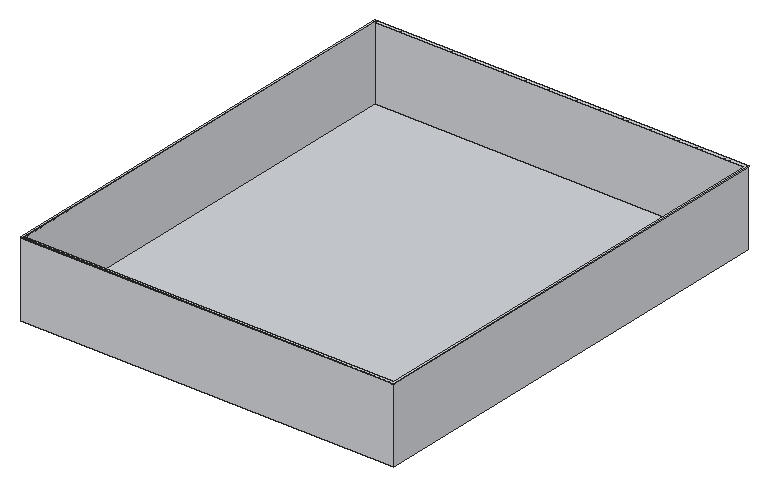
Revit family "Univers-IP30-leer-Unterputz-AT-de", category Electrical Equipment, host Face, Revit 2020
Family settings
  Host = Face
  Panel Configuration = Two Columns, Circuits Across
  Round Connector Dimension = Use Diameter
  Part Type = Panelboard
  Cut with Voids When Loaded = No
  Shared = No
  Room Calculation Point = No
Parameters (values of type "Unterputz IP30 B800 H950 T160 0 Teilungseinheiten - FWQ63D1")
  Width Control [instance] = if([HG000006 - Unterputz], if([EF000846 - Einbaubreite] > min_whd, [EF000846 - Einbaubreite], min_whd), if([EF000008 - Breite] > min_whd, ([EF000008 - Breite]), min_whd))  # 800 mm
  Void Depth [instance] = if([HG000006 - Unterputz], Depth Control, 1 mm)  # 160 mm
  Type Comments = [HG000003 - Bereich]  # "Univers"
  System Height [instance] = Height Control - 2 * [HG000005 - Dicke]  # 944 mm
  Model = [HG000004 - Herstellerreferenz]  # "FWQ63D1"
  HG000011 - Leere Reihen von unten = no
  HG000010 - Asymmetrische Türen = no
  HG000009 - Doppelflügeligen Tür = no
  HG000008 - Anzahl der leeren Reihen = 0
  HG000007 - Anzahl der leeren Spalten = 0
  HG000006 - Unterputz = yes
  HG000005 - Dicke = 3 mm  # constant formula
  HG000004 - Herstellerreferenz = "FWQ63D1"
  HG000003 - Bereich = "Univers"
  HG000002 - Mit tür = no
  HG000001 - Anzahl der Spalten = 0
  EF015941 - Signaldurchlassende Tür = no
  EF015777 - Neutralleiterklemmenblock = no
  EF015776 - Erdungsklemmenblock = no
  EF009212 - Ausführung Deckel = "EV009916 - mit Ausschnitt"
  EF006306 - Mit Schloss = no
  EF006244 - Transparenter Deckel/Tür = no
  EF005474 - Schutzart (IP) = "EV006410 - IP30"
  EF004462 - Art der Schließung = "EV000154 - sonstige"
  EF002950 - Breite in Teilungseinheiten = 0
  EF001596 - Werkstoff des Gehäuses = "EV000179 - Stahl"
  EF001134 - DIN-Schiene = no
  EF001131 - Innentiefe = 160 mm
  EF001088 - Anbaumöglichkeit = no
  EF001062 - EMV-Ausführung = no
  EF000846 - Einbaubreite = 800 mm
  EF000339 - Art der Abdeckung = "EV000494 - ohne"
  EF000332 - Einbauhöhe = 950 mm
  EF000266 - Anzahl der Reihen = 0
  EF000218 - Einbautiefe = 160 mm
  EF000118 - Mit Montageplatte = yes
  EF000116 - RAL-Nummer = "9010"
  EF000049 - Tiefe = 160 mm
  EF000040 - Höhe = 950 mm
  EF000008 - Breite = 800 mm
  EF000007 - Farbe = "EV000202 - weiß"
  EF000003 - Montageart = "EV001247 - Aufputz/Unterputz"
  Arrow Offset [instance] = Depth Control / 8  # 20 mm
  Arrow Height [instance] = Depth Control - Arrow Offset  # 140 mm
  Host Offset [instance] = if([HG000006 - Unterputz], 0 mm, [EF000049 - Tiefe])  # 0 mm
  min_whd [instance] = (2 * [HG000005 - Dicke]) + 1 mm  # 7 mm
  Manufacturer = "Hager"  # constant formula
  Height Control [instance] = if([HG000006 - Unterputz], if([EF000332 - Einbauhöhe] > min_whd, [EF000332 - Einbauhöhe], min_whd), if([EF000040 - Höhe] > min_whd, ([EF000040 - Höhe]), min_whd))  # 950 mm
  Flush Mounted - Door Frame Width [instance] = if(([EF000040 - Höhe] - [EF000332 - Einbauhöhe]) > 0 mm, if([HG000006 - Unterputz], [EF000040 - Höhe] - [EF000332 - Einbauhöhe], 0 mm), 0 mm)  # 0 mm
  Tür rechts [instance] = yes
  Tür links [instance] = not(Tür rechts)  # no
  Türschwenkwinkel [instance] = 45.00°
  3D-Türsichtbarkeit [instance] = yes
  Depth Control [instance] = if([HG000006 - Unterputz], if([EF000218 - Einbautiefe] > 0 mm, [EF000218 - Einbautiefe], 1 mm), if([EF000049 - Tiefe] > 0 mm, ([EF000049 - Tiefe]), 1 mm))  # 160 mm
  Default Elevation = 0 mm
  Sichtbarkeit der Türöffnung [instance] = no
Types (20, lengths in mm): name | Width Control | Void Depth | System Height | Model | HG000004 - Herstellerreferenz | EF001131 - Innentiefe | EF000846 - Einbaubreite | EF000332 - Einbauhöhe | EF000218 - Einbautiefe | EF000118 - Mit Montageplatte | EF000049 - Tiefe | EF000040 - Höhe | EF000008 - Breite | Arrow Offset | Arrow Height | Height Control | Depth Control
  Unterputz IP30 B1050 H1100 T161 0 Teilungseinheiten - FWQ74D1 | 1050 | 161 | 1094 | "FWQ74D1" | "FWQ74D1" | 161 | 1050 | 1100 | 161 | yes | 161 | 1100 | 1050 | 20.125 | 140.875 | 1100 | 161
  Unterputz IP30 B1050 H650 T160 0 Teilungseinheiten - FWQ34D1 | 1050 | 160 | 644 | "FWQ34D1" | "FWQ34D1" | 160 | 1050 | 650 | 160 | yes | 160 | 650 | 1050 | 20 | 140 | 650 | 160
  Unterputz IP30 B1050 H650 T160 0 Teilungseinheiten - FWQ44D1 | 1050 | 160 | 644 | "FWQ44D1" | "FWQ44D1" | 160 | 1050 | 650 | 160 | yes | 160 | 650 | 1050 | 20 | 140 | 650 | 160
  Unterputz IP30 B1050 H800 T160 0 Teilungseinheiten - FWQ54D1 | 1050 | 160 | 794 | "FWQ54D1" | "FWQ54D1" | 160 | 1050 | 800 | 160 | yes | 160 | 800 | 1050 | 20 | 140 | 800 | 160
  Unterputz IP30 B1050 H950 T160 0 Teilungseinheiten - FWQ64D1 | 1050 | 160 | 944 | "FWQ64D1" | "FWQ64D1" | 160 | 1050 | 950 | 160 | yes | 160 | 950 | 1050 | 20 | 140 | 950 | 160
  Unterputz IP30 B300 H1100 T160 0 Teilungseinheiten - FWQ71D1 | 300 | 160 | 1094 | "FWQ71D1" | "FWQ71D1" | 160 | 300 | 1100 | 160 | yes | 160 | 1100 | 300 | 20 | 140 | 1100 | 160
  Unterputz IP30 B300 H500 T160 0 Teilungseinheiten - FWQ31D1 | 300 | 160 | 494 | "FWQ31D1" | "FWQ31D1" | 160 | 300 | 500 | 160 | yes | 160 | 500 | 300 | 20 | 140 | 500 | 160
  Unterputz IP30 B300 H650 T160 0 Teilungseinheiten - FWQ41D1 | 300 | 160 | 644 | "FWQ41D1" | "FWQ41D1" | 160 | 300 | 650 | 160 | yes | 160 | 650 | 300 | 20 | 140 | 650 | 160
  Unterputz IP30 B300 H800 T160 0 Teilungseinheiten - FWQ51D1 | 300 | 160 | 794 | "FWQ51D1" | "FWQ51D1" | 160 | 300 | 800 | 160 | yes | 160 | 800 | 300 | 20 | 140 | 800 | 160
  Unterputz IP30 B300 H950 T160 0 Teilungseinheiten - FWQ61D1 | 300 | 160 | 944 | "FWQ61D1" | "FWQ61D1" | 160 | 300 | 950 | 160 | yes | 160 | 950 | 300 | 20 | 140 | 950 | 160
  Unterputz IP30 B550 H1100 T160 0 Teilungseinheiten - FWQ72D1 | 550 | 160 | 1094 | "FWQ72D1" | "FWQ72D1" | 160 | 550 | 1100 | 160 | yes | 160 | 1100 | 550 | 20 | 140 | 1100 | 160
  Unterputz IP30 B550 H500 T160 0 Teilungseinheiten - FWQ32D1 | 550 | 160 | 494 | "FWQ32D1" | "FWQ32D1" | 160 | 550 | 500 | 160 | yes | 160 | 500 | 550 | 20 | 140 | 500 | 160
  Unterputz IP30 B550 H650 T160 0 Teilungseinheiten - FWQ42D1 | 550 | 160 | 644 | "FWQ42D1" | "FWQ42D1" | 160 | 550 | 650 | 160 | yes | 160 | 650 | 550 | 20 | 140 | 650 | 160
  Unterputz IP30 B550 H800 T160 0 Teilungseinheiten - FWQ52D1 | 550 | 160 | 794 | "FWQ52D1" | "FWQ52D1" | 160 | 550 | 800 | 160 | yes | 160 | 800 | 550 | 20 | 140 | 800 | 160
  Unterputz IP30 B550 H950 T160 0 Teilungseinheiten - FWQ62D1 | 550 | 160 | 944 | "FWQ62D1" | "FWQ62D1" | 160 | 550 | 950 | 160 | yes | 160 | 950 | 550 | 20 | 140 | 950 | 160
  Unterputz IP30 B800 H1100 T161 0 Teilungseinheiten - FWQ73D1 | 800 | 161 | 1094 | "FWQ73D1" | "FWQ73D1" | 161 | 800 | 1100 | 161 | yes | 161 | 1100 | 800 | 20.125 | 140.875 | 1100 | 161
  Unterputz IP30 B800 H500 T160 0 Teilungseinheiten - FWQ33D1 | 800 | 160 | 494 | "FWQ33D1" | "FWQ33D1" | 156 | 800 | 500 | 160 | no | 160 | 500 | 800 | 20 | 140 | 500 | 160
  Unterputz IP30 B800 H650 T160 0 Teilungseinheiten - FWQ43D1 | 800 | 160 | 644 | "FWQ43D1" | "FWQ43D1" | 160 | 800 | 650 | 160 | yes | 160 | 650 | 800 | 20 | 140 | 650 | 160
  Unterputz IP30 B800 H800 T160 0 Teilungseinheiten - FWQ53D1 | 800 | 160 | 794 | "FWQ53D1" | "FWQ53D1" | 160 | 800 | 800 | 160 | yes | 160 | 800 | 800 | 20 | 140 | 800 | 160
  Unterputz IP30 B800 H950 T160 0 Teilungseinheiten - FWQ63D1 | 800 | 160 | 944 | "FWQ63D1" | "FWQ63D1" | 160 | 800 | 950 | 160 | yes | 160 | 950 | 800 | 20 | 140 | 950 | 160
Reference planes
  plane 1 "Center (Front/Back)": y = 0
  plane 2: z = 0
  plane 3 "Center (Left/Right)": x = 0
  plane 4: z = 0
  plane 5: y = 3
  plane 6: z = -5
  plane 7: y = 475
  plane 8: y = 0
  plane 9: y = 950
  plane 10: z = -160
  plane 11: x = -400
  plane 12: x = 400
  plane 13: x = 397
  plane 14: x = -397
  plane 15: y = 947
  plane 16: z = -157
  plane 17: z = -3
  plane 18: z = -160
  plane 19: z = -3
Forms (mm)
  Extrusion 1, solid
    sketch origin (-583.045, 0, 1219.2) x (-1, 0, 0) y (0, 0, 1)
      loop
        line (-183.045, -1219.2) -> (-983.045, -1219.2) -> (-983.045, -1379.2) -> (-183.045, -1379.2) -> (-183.045, -1219.2)
    from 0 to 950 <- "Height Control"
  Extrusion 2, void
    sketch origin (-381.607, -4572, 0) x (0, -1, 0) y (-1, 0, 0)
      loop
        line (-5519, 15.393) -> (-5519, -778.607) -> (-4575, -778.607) -> (-4575, 15.393) -> (-5519, 15.393)
    from 0 to 157
  Extrusion 3, void
    sketch origin (0, 0, 0) x (1, 0, 0) y (0, 1, 0)
      loop
        line (-400, 0) -> (400, 0) -> (400, 950) -> (-400, 950) -> (-400, 0)
    from -160 to 1
  Extrusion 4, solid, detail levels coarse
    sketch origin (-381.607, -4572, 0) x (-1, 0, 0) y (0, -1, 0)
      loop
        line (15.393, -5519) -> (15.393, -4575) -> (-778.607, -4575) -> (-778.607, -5519) -> (15.393, -5519)
    from 0 to -3
Cuts and joins
  Extrusion 2 cuts Extrusion 1
Dimensions and locks
  plane 4 to plane 6 = 5 mm
  "Host Offset": plane 4 to host face
  "Flush Mounted - Door Frame Width": plane 1 "Center (Front/Back)" to plane 8
  "HG000005 - Dicke": plane 5 to plane 8
  locked: connector elem to plane 3 "Center (Left/Right)"
  "Height Control": plane 9 to plane 8
  equal spacing: plane 9, plane 7, plane 8
  locked: connector elem to plane 7
  "Depth Control": plane 4 to plane 10
  "HG000005 - Dicke": plane 11 to plane 14
  "HG000005 - Dicke": plane 12 to plane 13
  equal spacing: plane 11, plane 3 "Center (Left/Right)", plane 12
  "Width Control": plane 11 to plane 12
  "Arrow Offset": nested 4 to plane 10
  "HG000005 - Dicke": plane 9 to plane 15
  "HG000005 - Dicke": plane 16 to plane 10
  "HG000005 - Dicke": plane 4 to plane 17
  "Void Depth": plane 2 to plane 18
  "HG000005 - Dicke": plane 4 to plane 19
  aligned and locked: plane 2 to host face
  aligned and locked: level to host face
  aligned and locked: plane 3 "Center (Left/Right)" to nested 2
  aligned and locked: nested 2 to plane 4
  aligned and locked: nested 2 to plane 8
  aligned and locked: nested 1 to plane 6
  aligned and locked: nested 1 to plane 5
  aligned and locked: nested 4 to plane 11
  aligned and locked: nested 3 to plane 4
  aligned and locked: Extrusion 1 sketch curve to plane 12
  aligned and locked: Extrusion 1 sketch curve to plane 11
  aligned and locked: nested 3 to plane 10
  aligned and locked: plane 10 to Extrusion 1 sketch curve
  aligned and locked: Extrusion 2 sketch curve to plane 5
  aligned and locked: Extrusion 2 sketch curve to plane 15
  aligned and locked: Extrusion 2 sketch curve to plane 14
  aligned and locked: Extrusion 2 sketch curve to plane 13
  aligned and locked: plane 11 to Extrusion 3 sketch curve
  aligned and locked: plane 9 to Extrusion 3 sketch curve
  aligned and locked: Extrusion 3 sketch curve to plane 8
  aligned and locked: plane 12 to Extrusion 3 sketch curve
  aligned and locked: nested 3 to plane 12
  aligned and locked: Extrusion 3 to plane 18
  aligned and locked: Extrusion 2 to plane 16
  aligned and locked: Extrusion 1 sketch curve to plane 4
  aligned and locked: Extrusion 4 to plane 17
  aligned and locked: Extrusion 4 sketch curve to plane 15
  aligned and locked: Extrusion 4 sketch curve to plane 13
  aligned and locked: Extrusion 4 sketch curve to plane 14
  aligned and locked: Extrusion 4 sketch curve to plane 5
Automatic sketch dimensions
  host sketch curve to host sketch curve = 1469.727 mm
  host sketch curve to host sketch curve = 1318.837 mm
Nested families
  nested 1: "Hager_Enclosure_System" at (0, 3, -5) x (1, 0, 0) z (0, 1, 0), Depth <- "HG000005 - Dicke", Height <- "System Height", Width <- "EF000008 - Breite", Border <- "HG000005 - Dicke", Flush_Mounted <- "HG000006 - Unterputz", Built-in_Width <- "EF000846 - Einbaubreite", Row_Module_Multiplicator <- "EF002950 - Breite in Teilungseinheiten", Total_No_Empty_Rows <- "HG000008 - Anzahl der leeren Reihen", Total_No_Rows <- "EF000266 - Anzahl der Reihen", Empty_Columns <- "HG000007 - Anzahl der leeren Spalten", No_Rows <- "EF000266 - Anzahl der Reihen", No_Columns <- "HG000001 - Anzahl der Spalten", Width_Control <- "Width Control", Empty_Rows_From_Bottom <- "HG000011 - Leere Reihen von unten", type "Hager_Enclosure_System", detail levels medium+fine
    with Width_Control 800 mm, Width 800 mm, Total_No_Rows 0, Total_No_Empty_Rows 0, Total_No_Columns 1, System_Width 794 mm, Rows_Column 0, Row_Module_Multiplicator 0, Panel_4 no, Panel_3 no, Panel_2 no, Panel_1 no, No_Rows 0, No_Panels_Ctrl 1, No_Columns 0, Hide_Columns yes, Height 944 mm, Flush_Mounted yes, Empty_Rows_From_Bottom no, Empty_Rows_Column 0, Empty_Columns 0, Depth 3 mm, Column_Width 794 mm, Built-in_Width 800 mm, Border 3 mm
  nested 2: "Hager_Enclosure_Door" at (0, 0, 0) x (1, 0, 0) z (0, 1, 0), Border <- "HG000005 - Dicke", Door_Right <- "Tür rechts", Flush_Mounted <- "HG000006 - Unterputz", Depth <- "EF000049 - Tiefe", Width <- "EF000008 - Breite", Door_Left <- "Tür links", 3d_Door <- "3D-Türsichtbarkeit", BuiltIn_Width <- "EF000846 - Einbaubreite", BuiltIn_Height <- "EF000332 - Einbauhöhe", BuiltIn_Depth <- "EF000218 - Einbautiefe", Angle <- "Türschwenkwinkel", Assymetrical <- "HG000010 - Asymmetrische Türen", Double <- "HG000009 - Doppelflügeligen Tür", Clearance <- "Sichtbarkeit der Türöffnung", Transparent <- "EF006244 - Transparenter Deckel/Tür", Door <- "HG000002 - Mit tür", Height_Ctrl <- "Height Control", Width_Ctrl <- "Width Control", Height <- "EF000040 - Höhe", type "Hager_Enclosure_Door", detail levels medium+fine
    with min_wh 7 mm, Width_Ctrl 800 mm, Width 800 mm, Transparent no, Leaf_Width 791 mm, Leaf_Tolerance 1.5 mm, Leaf_Height 941 mm, Leaf_2_Width 791 mm, Leaf_2_Offset 395.5 mm, Leaf_1_Width 791 mm, Leaf_1_Offset 395.5 mm, Height_Ctrl 950 mm, Height 950 mm, Frame_Width_Ctrl 1 mm, Frame_Width 0 mm, Frame_Internal_Offset 3 mm, Frame_Height_Ctrl 1 mm, Frame_Height 0 mm, Frame_Depth_Ctrl 1 mm, Frame_Depth 0 mm, Flush_Mounted yes, Double_Clearance_Ctrl no, Double no, Door_Right_Ctrl no, Door_Right yes, Door_Left_Ctrl no, Door_Left no, Door no, Depth 160 mm, Clearance_Depth 791 mm, Clearance_Ctrl no, Clearance no, BuiltIn_Width 800 mm, BuiltIn_Height 950 mm, BuiltIn_Depth 160 mm, Border 3 mm, Assymetrical no, Angle 45.00°, 3d_Door yes
  nested 3: "Hager_Enclosure_Symbol_Triangle" at (-400, 0, -160) x (1, 0, 0) z (0, -1, 0), Depth <- "Depth Control", Width <- "Width Control", type "Hager_Enclosure_Symbol_Triangle"
    with Width_Ctrl 800 mm, Width 800 mm, Depth_Ctrl 160 mm, Depth 160 mm
  nested 4: "Hager_Enclosure_Symbol_Arrow" at (-400, 0, -140) x (1, 0, 0) z (0, -1, 0), Height <- "Arrow Height", type "Hager_Enclosure_Symbol_Arrow"
    with Width_Inside 10.5 mm, Width 126 mm, Height_Ctrl 140 mm, Height 140 mm
Connectors
  electrical at (0, 475, -160)
    settings: on plane 10, index 1, voltage 0 V, apparent load 0 VA, apparent load phase1 0 VA, apparent load phase2 0 VA, apparent load phase3 0 VA, power factor 1, load classification "Other", number of poles 1, system type 30, power factor state 1, is connector primary yes, connector utility no, sub classification motor no, connector description ""
Definition of nested family "Hager_Enclosure_Door"
  Parameters (values of type "Hager_Enclosure_Door")
    min_wh [instance] = (2 * Border) + 1 mm  # 11 mm
    Width_Ctrl [instance] = 400 mm
    Width [instance] = 500 mm
    Transparent [instance] = yes
    Leaf_Width [instance] = if((Width_Ctrl - 2 * Border - 2 * Leaf_Tolerance) > 0 mm, (Width_Ctrl - 2 * Border - 2 * Leaf_Tolerance), min_wh)  # 387 mm
    Leaf_Tolerance [instance] = 1.5 mm  # constant formula
    Leaf_Height [instance] = if((Height_Ctrl - 2 * Border - 2 * Leaf_Tolerance) > 0 mm, (Height_Ctrl - 2 * Border - 2 * Leaf_Tolerance), min_wh)  # 387 mm
    Leaf_2_Width [instance] = if(and(and(Double, Assymetrical), Door_Left), (Leaf_Width / 3) - (Leaf_Tolerance / 2), if(and(and(Double, Assymetrical), Door_Right), (Leaf_Width / 3) * 2 - (Leaf_Tolerance / 2), if(and(Double, not(Assymetrical)), (Leaf_Width / 2) - Leaf_Tolerance, Leaf_Width)))  # 192 mm
    Leaf_2_Offset [instance] = if(and(Double, Assymetrical), Leaf_2_Width / 2, if(and(Double, not(Assymetrical)), Leaf_Width / 4, Leaf_Width / 2))  # 96.75 mm
    Leaf_1_Width [instance] = if(and(and(Double, Assymetrical), Door_Right), (Leaf_Width / 3) - (Leaf_Tolerance / 2), if(and(and(Double, Assymetrical), Door_Left), (Width / 3) * 2 - (Leaf_Tolerance / 2), if(and(Double, not(Assymetrical)), (Leaf_Width / 2) - Leaf_Tolerance, Leaf_Width)))  # 192 mm
    Leaf_1_Offset [instance] = if(and(Double, Assymetrical), Leaf_1_Width / 2, if(and(Double, not(Assymetrical)), Leaf_Width / 4, Leaf_Width / 2))  # 96.75 mm
    Height_Ctrl [instance] = 400 mm
    Height [instance] = 500 mm
    Frame_Width_Ctrl [instance] = if(Frame_Width > 0 mm, Frame_Width, 1 mm)  # 1 mm
    Frame_Width [instance] = Width - BuiltIn_Width  # 0 mm
    Frame_Internal_Offset [instance] = if(Flush_Mounted, Border, 0 mm)  # 0 mm
    Frame_Height_Ctrl [instance] = if(Frame_Height > 0 mm, Frame_Height, 1 mm)  # 1 mm
    Frame_Height [instance] = Height - BuiltIn_Height  # 0 mm
    Frame_Depth_Ctrl [instance] = if(Frame_Depth > 0 mm, Frame_Depth, 1 mm)  # 1 mm
    Frame_Depth [instance] = if(Depth - BuiltIn_Depth > 0 mm, if(Flush_Mounted, Depth - BuiltIn_Depth, 0 mm), 0 mm)  # 0 mm
    Flush_Mounted [instance] = no
    Double_Clearance_Ctrl [instance] = and(Double, Clearance)  # yes
    Double [instance] = yes
    Door_Right_Ctrl [instance] = and(or(Door_Right, Double), Door)  # yes
    Door_Right [instance] = yes
    Door_Left_Ctrl [instance] = and(or(Door_Left, Double), Door)  # yes
    Door_Left [instance] = no
    Door [instance] = yes
    Depth [instance] = 500 mm
    Default Elevation = 1219.2 mm
    Clearance_Material = none
    Clearance_Depth [instance] = if(Leaf_1_Width > Leaf_2_Width, Leaf_1_Width, Leaf_2_Width)  # 192 mm
    Clearance_Ctrl [instance] = and(not(Double), Clearance)  # no
    Clearance [instance] = yes
    BuiltIn_Width [instance] = 500 mm
    BuiltIn_Height [instance] = 500 mm
    BuiltIn_Depth [instance] = 500 mm
    Border [instance] = 5 mm
    Assymetrical [instance] = no
    Angle [instance] = 65.00°
    3d_Door [instance] = yes
  Reference planes
    plane 1 "Center (Front/Back)": y = 0
    plane 2 "Bottom": z = 0
    plane 3 "Center (Left/Right)": x = 0
    plane 4: z = 400
    plane 5: x = -200
    plane 6: x = 200
    plane 7: z = 395
    plane 8: x = -195
    plane 9: z = 5
    plane 10: x = 195
    plane 11: y = 0
    plane 12: z = 6.5
    plane 13: x = -387
    plane 14: y = -192
    plane 15: x = 387
    plane 16: x = -96.75
    plane 17: x = 96.75
    plane 18: x = -193.5
    plane 19: x = 193.5
    plane 20: z = 393.5
  Forms (mm)
    Extrusion 1, solid, visible <- "Flush_Mounted"
      sketch origin (0, 0, 0) x (1, 0, 0) y (0, 0, 1)
        loop
          line (200, 0) -> (200, 400) -> (-200, 400) -> (-200, 0) -> (200, 0)
        loop
          line (-201, 401) -> (-201, -1) -> (201, -1) -> (201, 401) -> (-201, 401)
      from 0 to 1 <- "Frame_Depth_Ctrl"
    Extrusion 2, solid, material <- "Clearance_Material", visible <- "Double_Clearance_Ctrl"
      sketch origin (1200, 0, 0) x (1, 0, 0) y (0, 0, -1)
        loop
          line (-1587, -393.5) -> (-813, -393.5) -> (-813, 0) -> (-1587, 0) -> (-1587, -393.5)
      from 0 to -192
  Dimensions and locks
    equal spacing: plane 5, plane 3 "Center (Left/Right)", plane 6
    "Width_Ctrl": plane 5 to plane 6
    "Border": plane 5 to plane 8
    "Border": plane 6 to plane 10
    "Border": plane 9 to level
    "Border": plane 4 to plane 7
    "Height_Ctrl": plane 4 to level
    "Leaf_Tolerance": plane 12 to plane 9
    "Frame_Depth": plane 11 to plane 1 "Center (Front/Back)"
    "Frame_Width_Ctrl": plane 5 to Extrusion 1 sketch curve
    "Frame_Width_Ctrl": plane 6 to Extrusion 1 sketch curve
    "Frame_Width_Ctrl": Extrusion 1 sketch curve to plane 4
    "Frame_Width_Ctrl": plane 2 "Bottom" to Extrusion 1 sketch curve
    "Leaf_1_Offset": plane 18 to plane 16
    "Leaf_2_Offset": plane 17 to plane 19
    "Leaf_1_Width": plane 13 to plane 8
    "Leaf_2_Width": plane 10 to plane 15
    "Clearance_Depth": plane 14 to plane 1 "Center (Front/Back)"
    "Leaf_Tolerance": plane 8 to plane 18
    "Leaf_Tolerance": plane 19 to plane 10
    "Leaf_Tolerance": plane 7 to plane 20
    "Frame_Internal_Offset": plane 5 to Extrusion 1 sketch curve
    "Frame_Internal_Offset": Extrusion 1 sketch curve to plane 2 "Bottom"
    "Frame_Internal_Offset": plane 6 to Extrusion 1 sketch curve
    "Frame_Internal_Offset": plane 4 to Extrusion 1 sketch curve
    aligned and locked: level to plane 2 "Bottom"
    aligned and locked: nested 1 to plane 16
    aligned and locked: nested 2 to plane 17
    aligned and locked: Extrusion 2 to plane 13
    aligned and locked: plane 15 to Extrusion 2
    aligned and locked: Extrusion 2 to plane 14
    aligned and locked: plane 12 to nested 1
    aligned and locked: nested 2 to plane 12
    aligned and locked: Extrusion 2 to plane 11
    aligned and locked: plane 20 to Extrusion 2
    aligned and locked: nested 2 to plane 11
    aligned and locked: nested 1 to plane 11
  Automatic sketch dimensions
    Extrusion 2 sketch curve to level = 0 mm
    plane 5 to Extrusion 2 sketch curve = 187 mm
    plane 6 to Extrusion 2 sketch curve = 187 mm
    Extrusion 2 sketch curve to plane 4 = 6.5 mm
  Nested families
    nested 1: "Hager_Enclosure_Door_Leaf" at (-96.75, 0, 6.5), Width <- "Leaf_1_Width", visible <- "Door_Left_Ctrl", Leaf_Height <- "Leaf_Height", Angle <- "Angle", Depth <- "Border", 3d_Door <- "3d_Door", Transparent <- "Transparent", Clearance Material <- "Clearance_Material", Clearance <- "Clearance_Ctrl", type "Hager_Enclosure_Door_Leaf"
      with Width 192 mm, Transparent_Door_Border 25 mm, Transparent_Ctrl yes, Transparent yes, Standard no, Leaf_Height 387 mm, Glass_Offset 1 mm, Depth 5 mm, Clearance Material none, Clearance no, Angle_Ctrl 65.00°, Angle 65.00°, 3d_Door yes
    nested 2: "Hager_Enclosure_Door_Leaf" at (96.75, 0, 6.5) x (-1, 0, 0) z (0, 0, 1), Width <- "Leaf_2_Width", visible <- "Door_Right_Ctrl", Leaf_Height <- "Leaf_Height", Angle <- "Angle", Depth <- "Border", 3d_Door <- "3d_Door", Transparent <- "Transparent", Clearance Material <- "Clearance_Material", Clearance <- "Clearance_Ctrl", type "Hager_Enclosure_Door_Leaf"
      with Width 192 mm, Transparent_Door_Border 25 mm, Transparent_Ctrl yes, Transparent yes, Standard no, Leaf_Height 387 mm, Glass_Offset 1 mm, Depth 5 mm, Clearance Material none, Clearance no, Angle_Ctrl 65.00°, Angle 65.00°, 3d_Door yes
  Definition of nested family "Hager_Enclosure_Door_Leaf"
    Parameters (values of type "Hager_Enclosure_Door_Leaf")
      Width [instance] = 200 mm
      Transparent_Door_Border [instance] = 25 mm  # constant formula
      Transparent_Ctrl [instance] = and(Transparent, [3d_Door])  # yes
      Transparent [instance] = yes
      Standard [instance] = and(not(Transparent), [3d_Door])  # no
      Leaf_Height [instance] = 500 mm
      Glass_Offset [instance] = if((Depth - 10 mm) / 2 > 0 mm, (Depth - 10 mm) / 2, 1 mm)  # 1 mm
      Glass_Material = none
      Depth [instance] = 3 mm
      Default Elevation = 0 mm
      Clearance Material [instance] = none
      Clearance [instance] = no
      Angle_Ctrl [instance] = if(Angle > 170.00°, 170.00°, Angle)  # 163.00°
      Angle [instance] = 163.00°
      3d_Door [instance] = yes
    Reference planes
      plane 1 "Center (Front/Back)": y = 0
      plane 2: z = 0
      plane 3 "Center (Left/Right)": x = 0
      plane 4: y = 200
      plane 5: x = -100
      plane 6: x = 100
      plane 7: x = -300
      plane 8: z = 500
      plane 9: z = 25
      plane 10: z = 475
      plane 11: x = 75
      plane 12: x = -75
    Forms (mm)
      Extrusion 1, solid, material <- "Clearance Material", visible <- "Clearance"
        sketch origin (0, 0, 0) x (1, 0, 0) y (0, 0, 1)
          loop
            line (-300, 500) -> (-300, 0) -> (100, 0) -> (100, 500) -> (-300, 500)
        from 0 to -200
      Extrusion 2, solid, visible <- "Standard", detail levels fine
        sketch origin (-100, 0, 0) x (-0.956305, 0.292372, 0) y (-0.292372, -0.956305, 0)
          loop
            line (0, -3) -> (200, -3) -> (200, 0) -> (0, 0) -> (0, -3)
        from 0 to 500 <- "Leaf_Height"
      Extrusion 3, solid, visible <- "Transparent_Ctrl", detail levels fine
        sketch origin (-100, 0, 0) x (-0.956305, 0.292372, 0) y (-0.292372, -0.956305, 0)
          loop
            line (0, -3) -> (200, -3) -> (200, 0) -> (0, 0) -> (0, -3)
        from 0 to 500 <- "Leaf_Height"
      Extrusion 4, void, detail levels fine
        sketch origin (-100, 0, 0) x (-0.292372, -0.956305, 0) y (-0.956305, 0.292372, 0)
          loop
            line (0, 25) -> (0, 175) -> (-3, 175) -> (-3, 25) -> (0, 25)
        from -475 to -25
      Extrusion 5, solid, material <- "Glass_Material", visible <- "Transparent_Ctrl", detail levels fine
        sketch origin (-100, 0, 0) x (-0.956305, 0.292372, 0) y (-0.292372, -0.956305, 0)
          loop
            line (25, -1) -> (25, -2) -> (175, -2) -> (175, -1) -> (25, -1)
        from 25 to 475
    Cuts and joins
      Extrusion 4 cuts Extrusion 3
    Lines and regions (mm)
      symbolic lines
        curve 1: line (100, 0, 0) -> (-300, 0, 0)
        curve 2: arc (100, 0, 0) -> (-100, 200, 0) -> (-300, 0, 0) r 200
        curve 4: line (-100, 0, 0) -> (-291.261, 58.474, 0)
      reference lines
        curve 3: line (-100, 0, 0) -> (-291.261, 58.474, 0)
      symbolic lines, detail levels medium+fine
        curve 5: line (-291.261, 58.474, 0) -> (-290.384, 61.343, 0)
        curve 6: line (-290.384, 61.343, 0) -> (-99.123, 2.869, 0)
        curve 7: line (-99.123, 2.869, 0) -> (-100, 0, 0)
      symbolic lines, detail levels fine
        curve 8: line (-100, 0, 500) -> (100, 0, 500)
        curve 9: line (-100, 0, 0) -> (-100, 0, 500)
        curve 10: line (100, 0, 0) -> (-100, 0, 0)
        curve 11: line (100, 0, 500) -> (100, 0, 0)
      symbolic lines, visible <- "Transparent_Ctrl", detail levels fine
        curve 12: line (-75, 0, 475) -> (75, 0, 475)
        curve 13: line (-75, 0, 25) -> (-75, 0, 475)
        curve 14: line (75, 0, 25) -> (-75, 0, 25)
        curve 15: line (75, 0, 475) -> (75, 0, 25)
    Dimensions and locks
      "Width": plane 1 "Center (Front/Back)" to plane 4
      equal spacing: plane 5, plane 3 "Center (Left/Right)", plane 6
      "Width": plane 5 to plane 6
      "Width": plane 7 to plane 5
      "Leaf_Height": plane 8 to level
      "Depth": curve 6 to curve 3
      "Width": curve 5 to curve 3
      "Width": curve 3 to curve 3
      "Transparent_Door_Border": Extrusion 4 sketch curve to curve 7
      "Transparent_Door_Border": Extrusion 4 sketch curve to curve 5
      "Transparent_Door_Border": plane 8 to plane 10
      "Transparent_Door_Border": plane 9 to level
      "Glass_Offset": Extrusion 5 sketch curve to curve 4
      "Glass_Offset": Extrusion 5 sketch curve to curve 6
      "Transparent_Door_Border": Extrusion 5 sketch curve to curve 5
      "Transparent_Door_Border": Extrusion 5 sketch curve to curve 7
      "Transparent_Door_Border": plane 12 to plane 5
      "Transparent_Door_Border": plane 6 to plane 11
      "Angle_Ctrl": angle plane 1 "Center (Front/Back)" to curve 3
      aligned and locked: level to plane 2
      aligned and locked: Extrusion 1 to curve 1
      aligned and locked: plane 6 to Extrusion 1
      aligned and locked: plane 1 "Center (Front/Back)" to Extrusion 1
      aligned and locked: plane 4 to Extrusion 1
      aligned and locked: plane 8 to Extrusion 1
      aligned and locked: curve 4 to curve 3
      aligned and locked: Extrusion 2 sketch curve to curve 7
      aligned and locked: Extrusion 2 sketch curve to curve 6
      aligned and locked: Extrusion 2 sketch curve to curve 5
      aligned and locked: Extrusion 2 sketch curve to curve 3
      aligned and locked: curve 7 to Extrusion 3 sketch curve
      aligned and locked: Extrusion 3 sketch curve to curve 4
      aligned and locked: Extrusion 3 sketch curve to curve 6
      aligned and locked: Extrusion 3 sketch curve to curve 5
      aligned and locked: curve 4 to Extrusion 4 sketch curve
      aligned and locked: curve 6 to Extrusion 4 sketch curve
      aligned and locked: Extrusion 4 to plane 9
      aligned and locked: Extrusion 4 to plane 10
      aligned and locked: Extrusion 5 to plane 9
      aligned and locked: Extrusion 5 to plane 10
      aligned and locked: curve 8 to plane 8
      aligned and locked: plane 5 to curve 9
      aligned and locked: plane 2 to curve 10
      aligned and locked: curve 11 to plane 6
      aligned and locked: plane 10 to curve 12
      aligned and locked: plane 12 to curve 13
      aligned and locked: plane 9 to curve 14
      aligned and locked: plane 11 to curve 15
    Automatic sketch dimensions
      plane 1 "Center (Front/Back)" to curve 2 = 0 mm
      curve 2 to plane 5 = 0 mm
      Extrusion 1 sketch curve to level = 0 mm
      Extrusion 1 sketch curve to plane 7 = 0 mm
      Extrusion 1 sketch curve to plane 6 = 0 mm
      Extrusion 1 sketch curve to plane 8 = 0 mm
      plane 1 "Center (Front/Back)" to curve 3 = 0 mm
      curve 3 to plane 5 = 0 mm
      curve 7 to curve 3 = 0 mm
Definition of nested family "Hager_Enclosure_Symbol_Triangle"
  Parameters (values of type "Hager_Enclosure_Symbol_Triangle")
    Width_Ctrl [instance] = if(Width > 1 mm, Width, 1 mm)  # 498 mm
    Width [instance] = 498 mm
    Depth_Ctrl [instance] = if(Depth > 1 mm, Depth, 1 mm)  # 72 mm
    Depth [instance] = 72 mm
  Reference planes
    plane 1 "Centre (avant/arrière)": y = 0
    plane 2: z = 0
    plane 3 "Centre (gauche/droite)": x = 0
  Lines and regions (mm)
    Filled region 1, type "Solid_Black", in view "Niveau de réf."
      outline origin (0, 0, 0) x (1, 0, 0) y (0, 1, 0)
        loop
          line (0, 0) -> (498, 0) -> (498, 72) -> (0, 0)
    reference lines, in view "Niveau de réf."
      curve 1: line (-206.153, 72, 0) -> (1083.258, 72, 0)
      curve 2: line (498, 405.456, 0) -> (498, -517.619, 0)
  Dimensions and locks
    "Depth_Ctrl": plane 1 "Centre (avant/arrière)" to curve 1
    "Width_Ctrl": plane 3 "Centre (gauche/droite)" to curve 2
    aligned and locked: curve 1 to Filled region 1 sketch curve
    aligned and locked: Filled region 1 sketch curve to plane 1 "Centre (avant/arrière)"
    aligned and locked: curve 2 to Filled region 1 sketch curve
    aligned and locked: plane 3 "Centre (gauche/droite)" to Filled region 1 sketch curve
    aligned and locked: plane 1 "Centre (avant/arrière)" to Filled region 1 sketch curve
  Automatic sketch dimensions
    curve 1 to plane 3 "Centre (gauche/droite)" = 206.153 mm
    curve 2 to curve 1 = 585.258 mm
    plane 1 "Centre (avant/arrière)" to curve 2 = 517.619 mm
    curve 2 to plane 1 "Centre (avant/arrière)" = 405.456 mm
Definition of nested family "Hager_Enclosure_Symbol_Arrow"
  Parameters (values of type "Hager_Enclosure_Symbol_Arrow")
    Width_Inside [instance] = if(Width / 12 > 2 mm, Width / 12, 2 mm)  # 4.987 mm
    Width [instance] = if(Height_Ctrl * 0.9 > 2 mm, Height_Ctrl * 0.9, 2 mm)  # 59.85 mm
    Height_Ctrl [instance] = if(Height > 2 mm, Height, 2 mm)  # 66.5 mm
    Height [instance] = 66.5 mm
  Reference planes
    plane 1 "Centre (avant/arrière)": y = 0
    plane 2: z = 0
    plane 3 "Centre (gauche/droite)": x = 0
    plane 4: x = 59.85
    plane 5: y = 28.263
    plane 6: y = 38.238
    plane 7: y = 66.5
    plane 8: x = 29.925
    plane 9: y = 33.25
  Lines and regions (mm)
    Filled region 1, type "Solid_Black", in view "Niveau de réf."
      outline origin (0, 0, 0) x (1, 0, 0) y (0, 1, 0)
        loop
          line (59.85, 66.5) -> (37.929, 52.827) -> (51.846, 41.935) -> (59.85, 66.5)
    detail lines, in view "Niveau de réf."
      curve 1: line (0, 0, 0) -> (29.925, 38.238, 0)
      curve 2: line (29.925, 38.238, 0) -> (29.925, 28.263, 0)
      curve 3: line (29.925, 28.263, 0) -> (59.85, 66.5, 0)
  Dimensions and locks
    "Width": plane 3 "Centre (gauche/droite)" to plane 4
    "Height_Ctrl": plane 7 to plane 1 "Centre (avant/arrière)"
    equal spacing: plane 3 "Centre (gauche/droite)", plane 8, plane 4
    equal spacing: plane 7, plane 9, plane 1 "Centre (avant/arrière)"
    equal spacing: plane 6, plane 9, plane 5
    "Width_Inside": plane 6 to plane 9
    equal spacing: curve 3, Filled region 1 sketch curve, Filled region 1 sketch curve
    angle Filled region 1 sketch curve to curve 3 = 20.00°
    angle curve 3 to Filled region 1 sketch curve = 20.00°
    locked: curve 3 to Filled region 1 sketch curve (angle 90.00°)
  Automatic sketch dimensions
    plane 1 "Centre (avant/arrière)" to curve 1 = 0 mm
    curve 1 to plane 3 "Centre (gauche/droite)" = 0 mm
    curve 2 to plane 6 = 0 mm
    curve 3 to plane 8 = 0 mm
    curve 3 to plane 4 = 0 mm
    curve 2 to plane 5 = 0 mm
    curve 3 to plane 7 = 0 mm
    Filled region 1 sketch curve to plane 4 = 0 mm
    Filled region 1 sketch curve to plane 7 = 0 mm
